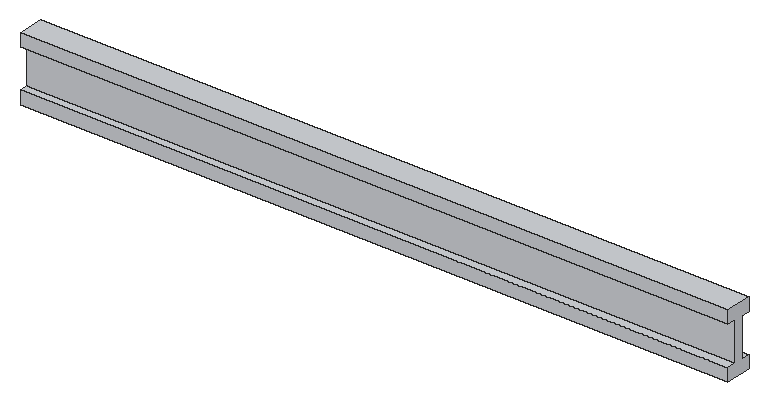
Revit family "Timber_H20 ", category Structural Stiffeners, Revit 2020
Family settings
  Work Plane-Based = No
  Always vertical = Yes
  Cut with Voids When Loaded = No
  Shared = No
Parameters (values of type "Single_Timber_H20")
  Single = yes
  L [instance] = 2200 mm
  Double = no
  Default Elevation = 0 mm
  Beam_Material = none
Types (3, lengths in mm): name | Single | Double
  (no name) | yes | no
  Single_Timber_H20 | yes | no
  Double_Timber_H20 | no | yes
Reference planes
  plane 1 "Center (Front/Back)": y = 0
  plane 2: z = 0
  plane 3 "Center (Left/Right)": x = 0
  plane 4: x = 1100
  plane 5: x = -1100
Forms (mm)
  Sweep 1, solid, material <- "Beam_Material", visible <- "Single"
    path origin (0, 0, 0) x (1, 0, 0) y (0, 1, 0)
      loop
        line (-1100, 0) -> (1100, 0)
    profile "H20_Profile_single : H20_Profile_single" origin (0, 0, 0) x (0, 1, 0) y (0, 0, 1)
      loop
        line (40, -40) -> (40, 0) -> (-40, 0) -> (-40, -40) -> (-13.5, -40) -> (-13.5, -160) -> (-40, -160) -> (-40, -200) -> (40, -200) -> (40, -160) -> (13.5, -160) -> (13.5, -40) -> (40, -40)
  Sweep 2, solid, material <- "Beam_Material", visible <- "Double"
    path origin (0, 0, 0) x (1, 0, 0) y (0, 1, 0)
      loop
        line (-1100, 0) -> (1100, 0)
    profile "H20_Profile_Double : H20_Profile_Double" origin (0, 0, 0) x (0, 1, 0) y (0, 0, 1)
      loop
        line (80, -40) -> (80, 0) -> (0, 0) -> (0, -40) -> (26.5, -40) -> (26.5, -160) -> (0, -160) -> (0, -200) -> (80, -200) -> (80, -160) -> (53.5, -160) -> (53.5, -40) -> (80, -40)
  Sweep 3, solid, material <- "Beam_Material", visible <- "Double"
    path origin (0, 0, 0) x (1, 0, 0) y (0, 1, 0)
      loop
        line (-1100, 0) -> (1100, 0)
    profile "H20_Profile_Double : H20_Profile_Double" origin (0, 0, 0) x (0, 1, 0) y (0, 0, 1)
      loop
        line (-80, -40) -> (-53.5, -40) -> (-53.5, -160) -> (-80, -160) -> (-80, -200) -> (0, -200) -> (0, -160) -> (-26.5, -160) -> (-26.5, -40) -> (0, -40) -> (0, 0) -> (-80, 0) -> (-80, -40)
Dimensions and locks
  equal spacing: plane 5, plane 3 "Center (Left/Right)", plane 4
  "L": plane 5 to plane 4
  aligned and locked: level to plane 2
  aligned and locked: plane 5 to Sweep 1 sketch curve
  aligned and locked: plane 4 to Sweep 1 sketch curve
  aligned and locked: plane 1 "Center (Front/Back)" to Sweep 1 sketch curve
  aligned and locked: plane 5 to Sweep 2 sketch curve
  aligned and locked: plane 4 to Sweep 2 sketch curve
  aligned and locked: plane 1 "Center (Front/Back)" to Sweep 2 sketch curve
  aligned and locked: plane 5 to Sweep 3 sketch curve
  aligned and locked: plane 4 to Sweep 3 sketch curve
  aligned and locked: plane 1 "Center (Front/Back)" to Sweep 3 sketch curve
